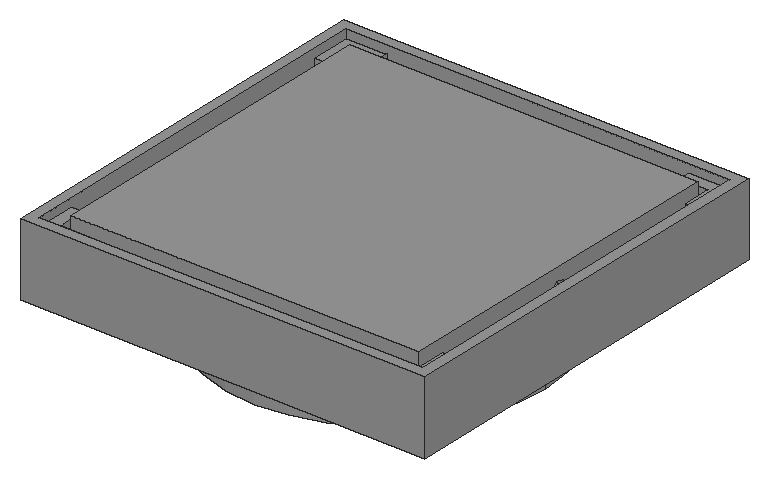
Revit family "ALMA-BTLE10VB-100X100_Tile_Insert-Antique_Brass", category Specialty Equipment, Revit 2026
Family settings
  Round Connector Dimension = Use Diameter
  Part Type = Normal
  Work Plane-Based = Yes
  Enable Cutting in Views = Yes
  Always vertical = Yes
  Cut with Voids When Loaded = No
  Maintain Annotation Orientation = No
  Shared = No
  Room Calculation Point = No
Parameters
  Default Elevation = 1219.2 mm
Reference planes
  plane 1 "Center (Front/Back)": y = 0
  plane 2: z = 0
  plane 3 "Center (Left/Right)": x = 0
Text (mm)
  text "Refer to www.buildmat.com.au for the most current product literature. \nAllow a +/- 5mm tolerance for dimensions shown in the product literature. \nPlease note product details are subject to change due to ongoing product development." at (-1.255, -119.087, 0), in view "Ref. Level"
Dimensions and locks
  aligned and locked: level to plane 2
Nested families
  nested 1: "BaseTile" at (0, 0, 0), type "Tile Insert_Brushed Vintage Antique Brass"
  nested 2: "TopTile" at (0, 0, 18), type "Tile Insert_Brushed Vintage Antique Brass"
  nested 3: "Metal Strainer" at (0, 0, 2), type "Tile Insert Mesh"
Definition of nested family "BaseTile"
  Parameters (values of type "Tile Insert_Brushed Vintage Antique Brass")
    Default Elevation = 0 mm
    Base_Material = none
  Reference planes
    plane 1 "Center (Front/Back)": y = 0
    plane 2: z = 0
    plane 3 "Center (Left/Right)": x = 0
    plane 4: x = -50
    plane 5: x = 50
    plane 6: y = -50
    plane 7: y = 50
    plane 8: z = 10
    plane 9: z = 12.5
    plane 10: x = -47.5
    plane 11: x = 47.5
    plane 12: y = 47.5
    plane 13: y = -47.5
    plane 14: x = -40
    plane 15: x = -37.5
    plane 16: x = 40
    plane 17: x = 37.5
    plane 18: z = 2
  Forms (mm)
    Extrusion 1, solid, material <- "Base_Material"
      sketch origin (0, 0, 0) x (1, 0, 0) y (0, 1, 0)
        loop
          circle (0, 0) r 40
      from 0 to 10
    Extrusion 2, solid, material <- "Base_Material"
      sketch origin (0, 0, 10) x (1, 0, 0) y (0, 1, 0)
        loop
          line (-50, 50) -> (-50, -50) -> (50, -50) -> (50, 50) -> (-50, 50)
      from 0 to 18
    Extrusion 3, void
      sketch origin (0, 0, 0) x (1, 0, 0) y (0, 1, 0)
        loop
          line (-47.5, 47.5) -> (-47.5, -47.5) -> (47.5, -47.5) -> (47.5, 47.5) -> (-47.5, 47.5)
      from 11.5 to 28
    Revolve 4, void
      sketch origin (0, 0, 0) x (1, 0, 0) y (0, 0, 1)
        loop
          line (0, 0) -> (0, 10) -> (-37.5, 10) -> (-37.5, 2) -> (-35, 2) -> (-35, 0) -> (0, 0)
        axis (0, 0) -> (0, 10)
      angle from 0 to 360
    SweptBlend 5, void
      path origin (0, 0, -1) x (1, 0, 0) y (0, 0, 1)
        loop
          line (0, 11) -> (0, 12.5)
      profile origin (0, 0, 10) x (-1, 0, 0) y (0, -1, 0)
        loop
          circle (0, 0) r 37.5
      end profile origin (0, 0, 11.5) x (-1, 0, 0) y (0, -1, 0)
        loop
          circle (0, 0) r 40
    Extrusion 6, solid, material <- "Base_Material"
      sketch origin (0, 0, 11.5) x (1, 0, 0) y (0, 1, 0)
        loop
          line (-47.5, 47.5) -> (-47.5, 37.5) -> (-37.5, 37.5) -> (-37.5, 47.5) -> (-47.5, 47.5)
        loop
          line (47.5, 47.5) -> (37.5, 47.5) -> (37.5, 37.5) -> (47.5, 37.5) -> (47.5, 47.5)
        loop
          line (-47.5, -47.5) -> (-37.5, -47.5) -> (-37.5, -37.5) -> (-47.5, -37.5) -> (-47.5, -47.5)
        loop
          line (47.5, -47.5) -> (47.5, -37.5) -> (37.5, -37.5) -> (37.5, -47.5) -> (47.5, -47.5)
      from 0 to 6.5
    Extrusion 7, solid, material <- "Base_Material"
      sketch origin (0, 0, 18) x (1, 0, 0) y (0, 1, 0)
        loop
          line (-47.5, 47.5) -> (-47.5, 37.5) -> (-44.49, 37.5) -> (-44.49, 44.515) -> (-37.5, 44.515) -> (-37.5, 47.5) -> (-47.5, 47.5)
        loop
          line (47.5, 47.5) -> (37.5, 47.5) -> (37.5, 44.515) -> (44.49, 44.515) -> (44.49, 37.5) -> (47.5, 37.5) -> (47.5, 47.5)
        loop
          line (-47.5, -47.5) -> (-37.5, -47.5) -> (-37.5, -44.515) -> (-44.49, -44.515) -> (-44.49, -37.5) -> (-47.5, -37.5) -> (-47.5, -47.5)
        loop
          line (47.5, -47.5) -> (47.5, -37.5) -> (44.49, -37.5) -> (44.49, -44.515) -> (37.5, -44.515) -> (37.5, -47.5) -> (47.5, -47.5)
      from 0 to 8
  Cuts and joins
    Extrusion 3, Revolve 4 cuts Extrusion 1
    Extrusion 3, Revolve 4, SweptBlend 5 cuts Extrusion 2
    joined: Extrusion 6, Extrusion 7
  Dimensions and locks
    aligned and locked: level to plane 2
Definition of nested family "TopTile"
  Parameters (values of type "Tile Insert_Brushed Vintage Antique Brass")
    Top_Material = none
    Default Elevation = 0 mm
  Reference planes
    plane 1 "Center (Front/Back)": y = 0
    plane 2: z = 0
    plane 3 "Center (Left/Right)": x = 0
    plane 4: x = -43
    plane 5: x = 43
    plane 6: y = 43
    plane 7: y = -43
    plane 8: z = 10
    plane 9: z = 8
    plane 10: z = 5
  Forms (mm)
    Extrusion 1, solid, material <- "Top_Material"
      sketch origin (0, 0, 0) x (1, 0, 0) y (0, 1, 0)
        loop
          line (-43, 43) -> (-43, -43) -> (43, -43) -> (43, 43) -> (-43, 43)
      from 0 to 10
    Extrusion 2, void
      sketch origin (0, 0, 0) x (1, 0, 0) y (0, 1, 0)
        loop
          line (40.5, 40.5) -> (-40.5, 40.5) -> (-40.5, -40.5) -> (40.5, -40.5) -> (40.5, 40.5)
      from 0 to 8
    Extrusion 3, void
      sketch origin (0, 0, 0) x (0, 1, 0) y (0, 0, 1)
        loop
          circle (0, 5) r 2
      from -46.149 to 49.554
  Cuts and joins
    Extrusion 2, Extrusion 3 cuts Extrusion 1
  Dimensions and locks
    aligned and locked: level to plane 2
Definition of nested family "Metal Strainer"
  Parameters (values of type "Tile Insert Mesh")
    Mesh_Material = none
    Default Elevation = 0 mm
  Reference planes
    plane 1 "Center (Front/Back)": y = 0
    plane 2: z = 0
    plane 3 "Center (Left/Right)": x = 0
    plane 4: x = -37.5
    plane 5: x = 37.5
    plane 6: x = 31.5
    plane 7: x = -31.5
    plane 8: x = 27.5
    plane 9: x = -27.5
    plane 10: z = 5.5
    plane 11: z = 5
  Forms (mm)
    Revolve 1, solid, material <- "Mesh_Material"
      sketch origin (0, 0, 0) x (1, 0, 0) y (0, 0, 1)
        loop
          line (-37.5, 5.5) -> (-37.5, 0) -> (0, 0) -> (0, 5) -> (-27.5, 5) -> (-31.5, 5.5) -> (-37.5, 5.5)
        axis (0, 0) -> (0, 5.5)
      angle from 0 to 360
    Revolve 2, void
      sketch origin (0, 0, 0) x (1, 0, 0) y (0, 0, 1)
        loop
          line (0, 0) -> (0, 4.5) -> (-37, 4.5) -> (-37, 0) -> (0, 0)
        axis (0, 4.5) -> (0, 0)
      angle from 0 to 360
    Extrusion 3, void
      sketch origin (0.043, -0.237, 0) x (1, 0, 0) y (0, 1, 0)
        loop
          circle (-0.076, 10.95) r 2.2
        loop
          circle (-4.478, 17.237) r 2.2
        loop
          circle (-11.529, 13.167) r 2.2
        loop
          circle (-5.935, 7.574) r 2.2
        loop
          circle (-16.236, 5.942) r 2.2
        loop
          circle (-24.288, 5.942) r 2.2
        loop
          circle (-21.479, 11.966) r 2.2
        loop
          circle (-17.586, 18.09) r 2.2
        loop
          circle (-10.924, 22.755) r 2.2
        loop
          circle (-4.409, 25.053) r 2.2
        loop
          circle (4.326, 17.237) r 2.2
        loop
          circle (11.377, 13.167) r 2.2
        loop
          circle (5.784, 7.574) r 2.2
        loop
          circle (16.084, 5.942) r 2.2
        loop
          circle (24.136, 5.942) r 2.2
        loop
          circle (21.327, 11.966) r 2.2
        loop
          circle (17.435, 18.09) r 2.2
        loop
          circle (10.773, 22.755) r 2.2
        loop
          circle (4.257, 25.053) r 2.2
        loop
          circle (-0.076, -10.477) r 2.2
        loop
          circle (-4.478, -16.764) r 2.2
        loop
          circle (-11.529, -12.693) r 2.2
        loop
          circle (-5.935, -7.1) r 2.2
        loop
          circle (-16.236, -5.469) r 2.2
        loop
          circle (-24.288, -5.469) r 2.2
        loop
          circle (-21.479, -11.493) r 2.2
        loop
          circle (-17.586, -17.617) r 2.2
        loop
          circle (-11.906, -21.791) r 2.2
        loop
          circle (-4.409, -24.579) r 2.2
        loop
          circle (4.326, -16.764) r 2.2
        loop
          circle (11.377, -12.693) r 2.2
        loop
          circle (5.784, -7.1) r 2.2
        loop
          circle (16.084, -5.469) r 2.2
        loop
          circle (24.136, -5.469) r 2.2
        loop
          circle (21.327, -11.493) r 2.2
        loop
          circle (17.435, -17.617) r 2.2
        loop
          circle (10.773, -22.282) r 2.2
        loop
          circle (4.257, -24.579) r 2.2
        loop
          circle (-24.913, -0.244) r 2.2
        loop
          circle (-17.093, -0.244) r 2.2
        loop
          circle (-9.063, -0.244) r 2.2
        loop
          circle (24.761, -0.244) r 2.2
        loop
          circle (16.942, -0.244) r 2.2
        loop
          circle (8.911, -0.244) r 2.2
      from 0 to 22.842
    Extrusion 4, void
      sketch origin (0, 0, 0) x (1, 0, 0) y (0, 1, 0)
        loop
          circle (-18.166, 28.574) r 2.155
        loop
          circle (-23.874, 23.785) r 2.155
        loop
          circle (-28.764, 17.957) r 2.155
        loop
          circle (-32.163, 10.988) r 2.155
        loop
          circle (-33.624, 3.472) r 2.155
        loop
          circle (-33.624, -3.918) r 2.155
        loop
          circle (-31.89, -11.633) r 2.155
        loop
          circle (-28.475, -18.331) r 2.155
        loop
          circle (-23.986, -24.742) r 2.155
        loop
          circle (-17.818, -29.224) r 2.155
        loop
          circle (-11.188, -32.457) r 2.155
        loop
          circle (-3.674, -34.054) r 2.155
        loop
          circle (3.824, -34.054) r 2.155
        loop
          circle (11.351, -32.178) r 2.155
        loop
          circle (18.186, -29.134) r 2.155
        loop
          circle (23.995, -24.26) r 2.155
        loop
          circle (28.96, -18.343) r 2.155
        loop
          circle (32.065, -11.369) r 2.155
        loop
          circle (33.749, -4.076) r 2.155
        loop
          circle (34.014, 3.512) r 2.155
        loop
          circle (32.241, 11.193) r 2.155
        loop
          circle (28.947, 18.257) r 2.155
        loop
          circle (23.982, 23.968) r 2.155
        loop
          circle (18.209, 28.643) r 2.155
        loop
          circle (11.466, 31.932) r 2.155
        loop
          circle (3.908, 33.676) r 2.155
        loop
          circle (-3.815, 33.676) r 2.155
        loop
          circle (-11.353, 32.211) r 2.155
      from 0 to 6.68
  Cuts and joins
    Revolve 2, Extrusion 3, Extrusion 4 cuts Revolve 1
  Dimensions and locks
    aligned and locked: level to plane 2
